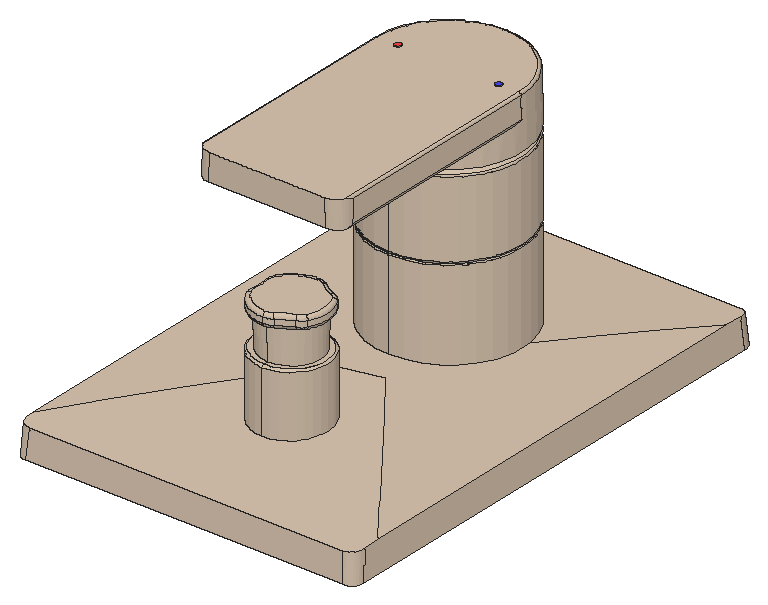
Revit family "Shower-Valve_Trim-KOHLER-COMPOSED-K-73100T", category Specialty Equipment, host Face, Revit 2017
Family settings
  Host = Face
  Round Connector Dimension = Use Diameter
  Part Type = Normal
  OmniClass Number = 23.31.25.00
  OmniClass Title = Toilet and Bath Specialties
  Cut with Voids When Loaded = No
  Shared = No
  Room Calculation Point = No
Parameters (values of type "AF- Flange gold")
  Width = 4 115/256"  # constant formula
  WaterSense Certified = 1 = 0  # no
  URL = "http://www.kohler.com.cn/"
  Type = 1
  Product Page URL = ""
  Product Name = "Composed"  # constant formula
  Product Documentation Link = ""
  Model = if(Type = 1, "K-73100T-4-AF", if(Type = 2, "K-73100T-4-CP", if(Type = 3, "K-73100T-4-TT", "NA")))  # "K-73100T-4-AF"
  Material = "Metal construction"  # constant formula
  Master Format 2014 Name = "Toilet, Bath, and Laundry Accessories"  # constant formula
  Master Format 2014 = "10 28 00"  # constant formula
  Manufacturer Address = "Kohler Beijing Office (100016)\n36-2-03-B, No. 88, Liuxiang Road, Beijing"  # constant formula
  Manufacturer = "KOHLER Co."  # constant formula
  Length = 3 119/256"  # constant formula
  Height = 6 137/256"  # constant formula
  Finish = Kohler-Metal-AF-Flange_Gold
  Environmental Product Declaration = ""
  Description = "40MM RECESSED BATH SHOWER TRIM"  # constant formula
  Default Elevation = 42"
  Declare Label = ""
  Date Modified = "10/13/2020"  # constant formula
  Date Created = "10/13/2020"  # constant formula
  Copyright = "Copyright KOHLER Co."  # constant formula
  Contact Us = "http://www.kohler.com.cn/contact/contact-us/"
  Assembly Code = "C1030200"
  ADA Compliant = 1 = 0  # no
Types (4): name | Type | Model | Finish
  (no name) | 1 | "K-73100T-4-AF" | Kohler-Metal-AF-Flange_Gold
  CP- Polished chrome | 2 | "K-73100T-4-CP" | Kohler-Metal-CP-Polished_Chrome
  AF- Flange gold | 1 | "K-73100T-4-AF" | Kohler-Metal-AF-Flange_Gold
  TT- Titanium silver | 3 | "K-73100T-4-TT" | Kohler-Metal-TT-Titanium_Silver
Reference planes (in)
  plane 1 "Center (Front/Back)": y = 0
  plane 2: z = 0
  plane 3 "Center (Left/Right)": x = 0
  plane 4: x = 2.22441
  plane 5: y = 3.26772
  plane 6: y = -3.26744
  plane 7: x = -2.22481
  plane 8: y = 1.04331
  plane 9: y = -1.90945
  plane 10: y = -1.51575
  plane 11: z = 3.46484
Dimensions and locks (in)
  "Width": plane 7 to plane 4
  locked: plane 8 to plane 9 at 2.95276
  locked: plane 8 to plane 10 at 2.55906
  "Height": plane 6 to plane 5
  "Length": level to plane 11
  aligned and locked: plane 2 to host face
  aligned and locked: level to host face
  aligned and locked: plane 1 "Center (Front/Back)" to nested 1
  aligned and locked: plane 3 "Center (Left/Right)" to nested 1
  aligned and locked: plane 4 to nested 1
  aligned and locked: plane 5 to nested 1
  aligned and locked: plane 7 to nested 1
  aligned and locked: plane 8 to nested 1
  aligned and locked: plane 9 to nested 1
  aligned and locked: plane 10 to nested 1
  aligned and locked: plane 11 to nested 1
  aligned and locked: plane 6 to nested 1
Automatic sketch dimensions
  host sketch curve to host sketch curve = 96"  (x2)
Nested families (in)
  nested 1: "K-73100T" at (0, 0, 0.00028), type "K-73100T"
Definition of nested family "K-73100T"
  Parameters (values of type "K-73100IN")
    Material = none
  Reference planes (in)
    plane 1 "Center (Front/Back)": y = 0
    plane 2: z = 0
    plane 3 "Center (Left/Right)": x = 0
    plane 4: y = 3.26772
    plane 5: x = 2.22441
    plane 6: x = -2.22441
    plane 7: y = -3.26772
    plane 8: y = 1.04331
    plane 9: z = 3.46457
    plane 10: y = -1.90945
    plane 11: y = -1.51575
  Forms (in)
    SweptBlend 1, solid, material <- "Material", detail levels medium+fine
      path origin (0, 0, 0) x (0, 1, 0) y (0, 0, 1)
        loop
          line (0, 0) -> (0, 0.59055)
      profile origin (0, 0, 0) x (0, -1, 0) y (1, 0, 0)
        loop
          arc (-3.26772, -2.06693) -> (-3.22159, -2.17828) -> (-3.11024, -2.22441) r 0.15748
          line (-3.11024, -2.22441) -> (3.11024, -2.22441)
          arc (3.11024, -2.22441) -> (3.22159, -2.17828) -> (3.26772, -2.06693) r 0.15748
          line (3.26772, -2.06693) -> (3.26772, 2.06693)
          arc (3.26772, 2.06693) -> (3.22159, 2.17828) -> (3.11024, 2.22441) r 0.15748
          line (3.11024, 2.22441) -> (-3.11024, 2.22441)
          arc (-3.11024, 2.22441) -> (-3.22159, 2.17828) -> (-3.26772, 2.06693) r 0.15748
          line (-3.26772, 2.06693) -> (-3.26772, -2.06693)
      end profile origin (0, 0, 0.59055) x (0, -1, 0) y (1, 0, 0)
        loop
          arc (-3.216, -2.03421) -> (-3.1706, -2.14381) -> (-3.06101, -2.1892) r 0.15499
          line (-3.06101, -2.1892) -> (3.06101, -2.1892)
          arc (3.06101, -2.1892) -> (3.1706, -2.14381) -> (3.216, -2.03421) r 0.15499
          line (3.216, -2.03421) -> (3.216, 2.03421)
          arc (3.216, 2.03421) -> (3.1706, 2.14381) -> (3.06101, 2.1892) r 0.15499
          line (3.06101, 2.1892) -> (-3.06101, 2.1892)
          arc (-3.06101, 2.1892) -> (-3.1706, 2.14381) -> (-3.216, 2.03421) r 0.15499
          line (-3.216, 2.03421) -> (-3.216, -2.03421)
    Extrusion 2, void
      sketch origin (0, 0, 0) x (1, 0, 0) y (0, 0, 1)
        loop
          line (2.22441, 0.39914) -> (2.22441, 0.61898) -> (-2.22441, 0.61898) -> (-2.22441, 0.39039)
          arc (-2.22441, 0.39039) -> (-0.0002, 0.49755) -> (2.22441, 0.39914) r 24.12135
      from -3.93701 to 3.93701
    Extrusion 3, void
      sketch origin (0, 0, 0) x (0, 1, 0) y (0, 0, 1)
        loop
          arc (-3.26772, 0.37124) -> (0.00003, 0.49777) -> (3.26772, 0.36955) r 41.97743
          line (3.26772, 0.36955) -> (3.26772, 0.56977) -> (-3.26772, 0.56977) -> (-3.26772, 0.37124)
      from -2.66999 to 3.2026
    Revolve 4, solid, material <- "Material", detail levels medium+fine
      sketch origin (0, 0, 0) x (0, 1, 0) y (0, 0, 1)
        loop
          line (1.04331, 3.46457) -> (1.04331, 0.36835) -> (2.00787, 0.36835) -> (2.00787, 1.65354)
          arc (2.00787, 1.65354) -> (2.00211, 1.66746) -> (1.98819, 1.67323) r 0.01969
          arc (1.98819, 1.67323) -> (2.00211, 1.67899) -> (2.00787, 1.69291) r 0.01969
          line (2.00787, 1.69291) -> (2.00787, 2.68503)
          arc (2.00787, 2.68503) -> (2.00231, 2.69953) -> (1.98849, 2.7066) r 0.02169
          line (1.98849, 2.7066) -> (1.92658, 2.77559) -> (2.00787, 2.77559) -> (1.99639, 3.43362)
          arc (1.99639, 3.43362) -> (1.98697, 3.45554) -> (1.9649, 3.46457) r 0.0315
          line (1.9649, 3.46457) -> (1.04331, 3.46457)
        axis (1.04331, 3.46457) -> (1.04331, 0.36835)
      angle from 0 to 360
    Extrusion 5, solid, material <- "Material", detail levels medium+fine
      sketch origin (0, 0, 0) x (1, 0, 0) y (0, 0, 1)
        loop
          line (0.92159, 3.46457) -> (-0.92159, 3.46457)
          arc (-0.92159, 3.46457) -> (-0.94367, 3.45554) -> (-0.95308, 3.43362) r 0.0315
          line (-0.95308, 3.43362) -> (-0.95809, 3.14661)
          arc (-0.95809, 3.14661) -> (-0.94906, 3.12399) -> (-0.9266, 3.11457) r 0.0315
          line (-0.9266, 3.11457) -> (0.9266, 3.11457)
          arc (0.9266, 3.11457) -> (0.94906, 3.12399) -> (0.95809, 3.14661) r 0.0315
          line (0.95809, 3.14661) -> (0.95308, 3.43362)
          arc (0.95308, 3.43362) -> (0.94367, 3.45554) -> (0.92159, 3.46457) r 0.0315
      from -1.04331 to 1.90945
    Sweep 6, void
      path in 3D
        loop
          line (0.96076, -1.90945, 2.99359) -> (0.95046, -1.90945, 3.58405)
      profile origin (0.95561, -1.90945, 3.28882) x (-0.999848, 0, -0.017452) y (0, -1, 0)
        loop
          line (0, 0) -> (0, -0.19685)
          arc (0, -0.19685) -> (0.05766, -0.05766) -> (0.19685, 0) r 0.19685
          line (0.19685, 0) -> (0, 0)
    Sweep 7, void
      path in 3D
        loop
          line (-0.96076, -1.90945, 2.99359) -> (-0.95046, -1.90945, 3.58405)
      profile origin (-0.95561, -1.90945, 3.28882) x (-0.999848, 0, 0.017452) y (0, -1, 0)
        loop
          line (0, 0) -> (-0.19685, 0)
          arc (-0.19685, 0) -> (-0.05766, -0.05766) -> (0, -0.19685) r 0.19685
          line (0, -0.19685) -> (0, 0)
    Extrusion 8, solid, material <- "Material", detail levels coarse
      sketch origin (0, 0, 0) x (1, 0, 0) y (0, 1, 0)
        loop
          line (-2.22441, -3.26772) -> (2.22441, -3.26772) -> (2.22441, 3.26772) -> (-2.22441, 3.26772) -> (-2.22441, -3.26772)
      from 0 to 0.52267
    Revolve 9, solid, material <- "Material", detail levels coarse
      sketch origin (0, 0, 0) x (0, 1, 0) y (0, 0, 1)
        loop
          line (1.04331, 3.46457) -> (1.04331, 0.44921) -> (2.00787, 0.44921) -> (2.00787, 3.46457) -> (1.04331, 3.46457)
        axis (1.04331, 3.46457) -> (1.04331, 0.44921)
      angle from 0 to 360
    Extrusion 10, solid, material <- "Material", detail levels coarse
      sketch origin (0, 0, 0) x (1, 0, 0) y (0, 1, 0)
        loop
          line (-0.95493, 0.90733) -> (-0.95493, -1.90945) -> (0.95493, -1.90945) -> (0.95493, 0.90733) -> (-0.95493, 0.90733)
      from 3.11457 to 3.46457
    Revolve 11, solid, material <- "Material", detail levels medium+fine
      sketch origin (0, 0, 0) x (0, 1, 0) y (0, 0, 1)
        loop
          line (-1.99803, 1.25376) -> (-1.99803, 0.2756) -> (-1.51575, 0.2756) -> (-1.51575, 1.73243) -> (-1.91129, 1.73243) -> (-1.90207, 1.27953) -> (-1.97226, 1.27953) -> (-1.99803, 1.25376)
        axis (-1.51575, 0.2756) -> (-1.51575, 1.73243)
      angle from 0 to 360
    Extrusion 12, solid, material <- "Material", detail levels medium+fine
      sketch origin (0, 0, 0) x (1, 0, 0) y (0, 1, 0)
        loop
          arc (0.33766, -1.71955) -> (0.39439, -1.51575) -> (0.33766, -1.31195) r 0.39439
          arc (0.33766, -1.31195) -> (0.31664, -1.28738) -> (0.2888, -1.27093) r 0.0986
          arc (0.2888, -1.27093) -> (0.17326, -1.21565) -> (0.06762, -1.14324) r 0.82883
          arc (0.06762, -1.14324) -> (0.03945, -1.12735) -> (0.00767, -1.12143) r 0.0986
          arc (0.00767, -1.12143) -> (-0.19733, -1.17427) -> (-0.34547, -1.3255) r 0.39439
          arc (-0.34547, -1.3255) -> (-0.35634, -1.3567) -> (-0.35628, -1.38974) r 0.0986
          arc (-0.35628, -1.38974) -> (-0.34555, -1.51575) -> (-0.35628, -1.64176) r 0.74488
          arc (-0.35628, -1.64176) -> (-0.35634, -1.6748) -> (-0.34547, -1.706) r 0.0986
          arc (-0.34547, -1.706) -> (-0.19733, -1.85723) -> (0.00767, -1.91007) r 0.39439
          arc (0.00767, -1.91007) -> (0.03945, -1.90415) -> (0.06762, -1.88826) r 0.0986
          arc (0.06762, -1.88826) -> (0.17326, -1.81584) -> (0.2888, -1.76056) r 0.82883
          arc (0.2888, -1.76056) -> (0.31664, -1.74412) -> (0.33766, -1.71955) r 0.0986
      from 1.73228 to 1.88583
    Sweep 13, solid, material <- "Material", detail levels medium+fine
      path in 3D
        loop
          arc (0.33766, -1.71955, 1.88583) -> (0.31664, -1.74412, 1.88583) -> (0.2888, -1.76056, 1.88583) r 0.0986
          arc (0.2888, -1.76056, 1.88583) -> (0.17326, -1.81584, 1.88583) -> (0.06762, -1.88826, 1.88583) r 0.82883
          arc (0.06762, -1.88826, 1.88583) -> (0.03945, -1.90415, 1.88583) -> (0.00767, -1.91007, 1.88583) r 0.0986
          arc (0.00767, -1.91007, 1.88583) -> (-0.19733, -1.85723, 1.88583) -> (-0.34547, -1.706, 1.88583) r 0.39439
          arc (-0.34547, -1.706, 1.88583) -> (-0.35634, -1.6748, 1.88583) -> (-0.35628, -1.64176, 1.88583) r 0.0986
          arc (-0.35628, -1.64176, 1.88583) -> (-0.34555, -1.51575, 1.88583) -> (-0.35628, -1.38974, 1.88583) r 0.74488
          arc (-0.35628, -1.38974, 1.88583) -> (-0.35634, -1.3567, 1.88583) -> (-0.34547, -1.3255, 1.88583) r 0.0986
          arc (-0.34547, -1.3255, 1.88583) -> (-0.19733, -1.17427, 1.88583) -> (0.00767, -1.12143, 1.88583) r 0.39439
          arc (0.00767, -1.12143, 1.88583) -> (0.03945, -1.12735, 1.88583) -> (0.06762, -1.14324, 1.88583) r 0.0986
          arc (0.06762, -1.14324, 1.88583) -> (0.17326, -1.21565, 1.88583) -> (0.2888, -1.27093, 1.88583) r 0.82883
          arc (0.2888, -1.27093, 1.88583) -> (0.31664, -1.28738, 1.88583) -> (0.33766, -1.31195, 1.88583) r 0.0986
          arc (0.33766, -1.31195, 1.88583) -> (0.39439, -1.51575, 1.88583) -> (0.33766, -1.71955, 1.88583) r 0.39439
      profile origin (0.39439, -1.51575, 1.88583) x (1, 0, 0) y (0, 0, 1)
        loop
          line (0, 0) -> (0, -0.15373) -> (0.04724, -0.15373)
          arc (0.04724, -0.15373) -> (0.06952, -0.1445) -> (0.07874, -0.12223) r 0.0315
          line (0.07874, -0.12223) -> (0.07874, -0.04724)
          arc (0.07874, -0.04724) -> (0.0649, -0.01384) -> (0.0315, 0) r 0.04724
          line (0.0315, 0) -> (0, 0)
    Revolve 14, solid, material <- "Material", detail levels coarse
      sketch origin (0, 0, 0) x (0, 1, 0) y (0, 0, 1)
        loop
          line (-1.51575, 0.52267) -> (-1.03459, 0.52267) -> (-1.03459, 1.27953) -> (-1.11875, 1.27953) -> (-1.11875, 1.73182) -> (-1.03459, 1.73182) -> (-1.03459, 1.88696) -> (-1.51575, 1.88696) -> (-1.51575, 0.52267)
        axis (-1.51575, 0.52267) -> (-1.51575, 1.88696)
      angle from 0 to 360
    Extrusion 15, solid, detail levels medium+fine
      sketch origin (0, 0, 0) x (1, 0, 0) y (0, 1, 0)
        loop
          circle (-0.65717, 1.04331) r 0.03937
      from 3.36711 to 3.46486
    Extrusion 16, solid, detail levels medium+fine
      sketch origin (0, 0, 0) x (-1, 0, 0) y (0, -1, 0)
        loop
          circle (-0.65717, -1.04331) r 0.03937
      from 3.36711 to 3.46486
  Cuts and joins
    joined: Extrusion 8, Revolve 9, Extrusion 10, Revolve 14
    Extrusion 2, Extrusion 3 cuts SweptBlend 1
    Sweep 6, Sweep 7 cuts Revolve 4
    Sweep 6, Sweep 7 cuts Extrusion 5
    joined: SweptBlend 1, Revolve 4, Extrusion 5, Revolve 11, Extrusion 12, Sweep 13
  Lines and regions (in)
    Masking region 1
      outline origin (0, 0, 0) x (1, 0, 0) y (0, 1, 0)
        loop
          arc (-2.06693, 3.26772) -> (-2.17828, 3.22159) -> (-2.22441, 3.11024) r 0.15748
          line (-2.22441, 3.11024) -> (-2.22441, -3.11024)
          arc (-2.22441, -3.11024) -> (-2.17828, -3.22159) -> (-2.06693, -3.26772) r 0.15748
          line (-2.06693, -3.26772) -> (2.06693, -3.26772)
          arc (2.06693, -3.26772) -> (2.17828, -3.22159) -> (2.22441, -3.11024) r 0.15748
          line (2.22441, -3.11024) -> (2.22441, 3.11024)
          arc (2.22441, 3.11024) -> (2.17828, 3.22159) -> (2.06693, 3.26772) r 0.15748
          line (2.06693, 3.26772) -> (-2.06693, 3.26772)
    Masking region 2
      outline origin (0, 0, 0) x (1, 0, 0) y (0, 0, 1)
        loop
          line (0, 3.46457) -> (-0.92159, 3.46457)
          arc (-0.92159, 3.46457) -> (-0.94367, 3.45554) -> (-0.95308, 3.43362) r 0.0315
          line (-0.95308, 3.43362) -> (-0.96457, 2.77559) -> (-0.88328, 2.77559) -> (-0.94518, 2.7066)
          arc (-0.94518, 2.7066) -> (-0.95901, 2.69953) -> (-0.96457, 2.68503) r 0.02169
          line (-0.96457, 2.68503) -> (-0.96457, 1.69291)
          arc (-0.96457, 1.69291) -> (-0.9588, 1.67899) -> (-0.94488, 1.67323) r 0.01969
          arc (-0.94488, 1.67323) -> (-0.9588, 1.66746) -> (-0.96457, 1.65354) r 0.01969
          line (-0.96457, 1.65354) -> (-0.96457, 0.47637)
          arc (-0.96457, 0.47637) -> (-1.56654, 0.44433) -> (-2.16742, 0.3958) r 21.97337
          arc (-2.16742, 0.3958) -> (-2.19203, 0.38395) -> (-2.20301, 0.35894) r 0.03937
          line (-2.20301, 0.35894) -> (-2.22441, 0) -> (2.22441, 0) -> (2.20301, 0.35894)
          arc (2.20301, 0.35894) -> (2.19203, 0.38395) -> (2.16742, 0.3958) r 0.03937
          arc (2.16742, 0.3958) -> (1.56654, 0.44433) -> (0.96457, 0.47637) r 21.97337
          line (0.96457, 0.47637) -> (0.96457, 1.65354)
          arc (0.96457, 1.65354) -> (0.9588, 1.66746) -> (0.94488, 1.67323) r 0.01969
          arc (0.94488, 1.67323) -> (0.9588, 1.67899) -> (0.96457, 1.69291) r 0.01969
          line (0.96457, 1.69291) -> (0.96457, 2.68503)
          arc (0.96457, 2.68503) -> (0.95901, 2.69953) -> (0.94518, 2.7066) r 0.02169
          line (0.94518, 2.7066) -> (0.88328, 2.77559) -> (0.96457, 2.77559) -> (0.95308, 3.43362)
          arc (0.95308, 3.43362) -> (0.94367, 3.45554) -> (0.92159, 3.46457) r 0.0315
          line (0.92159, 3.46457) -> (0, 3.46457)
    Masking region 3
      outline origin (0, 0, 0) x (0, 1, 0) y (0, 0, 1)
        loop
          line (3.26772, 0) -> (3.23804, 0.33883)
          arc (3.23804, 0.33883) -> (3.22651, 0.36339) -> (3.20183, 0.37465) r 0.03937
          arc (3.20183, 0.37465) -> (2.60512, 0.41618) -> (2.00787, 0.44921) r 41.97743
          line (2.00787, 0.44921) -> (2.00787, 1.65354)
          arc (2.00787, 1.65354) -> (2.00211, 1.66746) -> (1.98819, 1.67323) r 0.01969
          arc (1.98819, 1.67323) -> (2.00211, 1.67899) -> (2.00787, 1.69291) r 0.01969
          line (2.00787, 1.69291) -> (2.00787, 2.68503)
          arc (2.00787, 2.68503) -> (2.00231, 2.69953) -> (1.98849, 2.7066) r 0.02169
          line (1.98849, 2.7066) -> (1.92658, 2.77559) -> (2.00787, 2.77559) -> (1.99639, 3.43362)
          arc (1.99639, 3.43362) -> (1.98697, 3.45554) -> (1.9649, 3.46457) r 0.0315
          line (1.9649, 3.46457) -> (1.04331, 3.46457) -> (0.12172, 3.46457) -> (-1.87795, 3.46457)
          arc (-1.87795, 3.46457) -> (-1.90022, 3.45534) -> (-1.90945, 3.43307) r 0.0315
          line (-1.90945, 3.43307) -> (-1.90945, 3.14606)
          arc (-1.90945, 3.14606) -> (-1.90022, 3.12379) -> (-1.87795, 3.11457) r 0.0315
          line (-1.87795, 3.11457) -> (-0.0155, 3.11457)
          arc (-0.0155, 3.11457) -> (0.0547, 3.08513) -> (0.08291, 3.01442) r 0.09843
          line (0.08291, 3.01442) -> (0.07874, 2.77559) -> (0.16003, 2.77559) -> (0.09813, 2.7066)
          arc (0.09813, 2.7066) -> (0.0843, 2.69953) -> (0.07874, 2.68503) r 0.02169
          line (0.07874, 2.68503) -> (0.07874, 1.69291)
          arc (0.07874, 1.69291) -> (0.08451, 1.67899) -> (0.09843, 1.67323) r 0.01969
          arc (0.09843, 1.67323) -> (0.08451, 1.66746) -> (0.07874, 1.65354) r 0.01969
          line (0.07874, 1.65354) -> (0.07874, 0.49768)
          arc (0.07874, 0.49768) -> (-0.4774, 0.49518) -> (-1.03347, 0.48532) r 41.97743
          line (-1.03347, 0.48532) -> (-1.03347, 1.25376) -> (-1.05924, 1.27953) -> (-1.12942, 1.27953) -> (-1.12021, 1.7321) -> (-1.07411, 1.7321)
          arc (-1.07411, 1.7321) -> (-1.05184, 1.74132) -> (-1.04261, 1.76359) r 0.0315
          line (-1.04261, 1.76359) -> (-1.04261, 1.84646)
          arc (-1.04261, 1.84646) -> (-1.05415, 1.8743) -> (-1.08198, 1.88583) r 0.03937
          line (-1.08198, 1.88583) -> (-1.51575, 1.88583) -> (-1.94951, 1.88583)
          arc (-1.94951, 1.88583) -> (-1.97735, 1.8743) -> (-1.98888, 1.84646) r 0.03937
          line (-1.98888, 1.84646) -> (-1.98888, 1.76359)
          arc (-1.98888, 1.76359) -> (-1.97966, 1.74132) -> (-1.95739, 1.7321) r 0.0315
          line (-1.95739, 1.7321) -> (-1.91128, 1.7321) -> (-1.90207, 1.27953) -> (-1.97226, 1.27953) -> (-1.99803, 1.25376) -> (-1.99803, 0.45071)
          arc (-1.99803, 0.45071) -> (-2.60012, 0.41785) -> (-3.20167, 0.37633) r 41.97743
          arc (-3.20167, 0.37633) -> (-3.22636, 0.36507) -> (-3.23789, 0.34051) r 0.03937
          line (-3.23789, 0.34051) -> (-3.26772, 0) -> (3.26772, 0)
    sketch lines
      curve 1: line (0.96076, -1.90945, 2.99359) -> (0.95046, -1.90945, 3.58405)
      curve 2: line (-0.96076, -1.90945, 2.99359) -> (-0.95046, -1.90945, 3.58405)
      curve 37: arc (0.33766, -1.31195, 1.88583) -> (0.39439, -1.51575, 1.88583) -> (0.33766, -1.71955, 1.88583) r 0.39439
      curve 38: arc (0.2888, -1.27093, 1.88583) -> (0.31664, -1.28738, 1.88583) -> (0.33766, -1.31195, 1.88583) r 0.0986
      curve 39: arc (0.06762, -1.14324, 1.88583) -> (0.17326, -1.21565, 1.88583) -> (0.2888, -1.27093, 1.88583) r 0.82883
      curve 40: arc (0.00767, -1.12143, 1.88583) -> (0.03945, -1.12735, 1.88583) -> (0.06762, -1.14324, 1.88583) r 0.0986
      curve 41: arc (-0.34547, -1.3255, 1.88583) -> (-0.19733, -1.17427, 1.88583) -> (0.00767, -1.12143, 1.88583) r 0.39439
      curve 42: arc (-0.35628, -1.64176, 1.88583) -> (-0.34555, -1.51575, 1.88583) -> (-0.35628, -1.38974, 1.88583) r 0.74488
      curve 43: arc (-0.35628, -1.38974, 1.88583) -> (-0.35634, -1.3567, 1.88583) -> (-0.34547, -1.3255, 1.88583) r 0.0986
      curve 44: arc (-0.34547, -1.706, 1.88583) -> (-0.35634, -1.6748, 1.88583) -> (-0.35628, -1.64176, 1.88583) r 0.0986
      curve 45: arc (0.00767, -1.91007, 1.88583) -> (-0.19733, -1.85723, 1.88583) -> (-0.34547, -1.706, 1.88583) r 0.39439
      curve 46: arc (0.06762, -1.88826, 1.88583) -> (0.03945, -1.90415, 1.88583) -> (0.00767, -1.91007, 1.88583) r 0.0986
      curve 47: arc (0.2888, -1.76056, 1.88583) -> (0.17326, -1.81584, 1.88583) -> (0.06762, -1.88826, 1.88583) r 0.82883
      curve 48: arc (0.33766, -1.71955, 1.88583) -> (0.31664, -1.74412, 1.88583) -> (0.2888, -1.76056, 1.88583) r 0.0986
    symbolic lines, detail levels medium+fine
      curve 3: line (0, 1.99648, 3.43572) -> (0, -1.90945, 3.43572)
      curve 4: line (0, 1.04324, 3.1469) -> (0, -1.90945, 3.1469)
      curve 5: line (0, -1.71148, 3.46457) -> (0, -1.71148, 3.11457)
      curve 6: line (0, 1.92658, 2.77559) -> (0, 0.16003, 2.77559)
      curve 7: line (0, 1.98849, 2.7066) -> (0, 0.09813, 2.7066)
      curve 8: line (0, 2.00787, 2.67987) -> (0, 0.07874, 2.67987)
      curve 9: line (0, 1.98819, 1.67323) -> (0, 0.09843, 1.67323)
      curve 10: line (0, 2.00787, 1.69291) -> (0, 0.07874, 1.69291)
      curve 11: line (0, 2.00787, 1.65354) -> (0, 0.07874, 1.65354)
      curve 12: line (-2.05051, 3.23513, 0) -> (2.05053, 3.23513, 0)
      curve 13: line (-2.201, -3.09001, 0) -> (-2.201, 3.09149, 0)
      curve 14: spline (-2.201, 3.09149, 0) -> (-2.19843, 3.11026, 0) -> (-2.19357, 3.12858, 0) -> (-2.18652, 3.14618, 0) -> (-2.17738, 3.16279, 0) -> (-2.16627, 3.17816, 0) -> (-2.15337, 3.19207, 0) -> (-2.13887, 3.20432, 0) -> (-2.12298, 3.21471, 0) -> (-2.10594, 3.22309, 0) -> (-2.088, 3.22935, 0) -> (-2.06943, 3.23338, 0) -> (-2.05051, 3.23513, 0)
      curve 15: spline (2.05053, 3.23513, 0) -> (2.06899, 3.23345, 0) -> (2.08712, 3.2296, 0) -> (2.10466, 3.22363, 0) -> (2.12137, 3.21562, 0) -> (2.137, 3.20569, 0) -> (2.15134, 3.19398, 0) -> (2.16419, 3.18066, 0) -> (2.17535, 3.16591, 0) -> (2.18468, 3.14993, 0) -> (2.19205, 3.13297, 0) -> (2.19734, 3.11526, 0) -> (2.20048, 3.09704, 0)
      curve 16: line (2.20048, 3.09704, 0) -> (2.20048, -3.09601, 0)
      curve 17: line (2.0504, -3.23498, 0) -> (-2.05042, -3.23498, 0)
      curve 18: spline (-2.05042, -3.23498, 0) -> (-2.06945, -3.23322, 0) -> (-2.08812, -3.22915, 0) -> (-2.10615, -3.22282, 0) -> (-2.12327, -3.21435, 0) -> (-2.13922, -3.20384, 0) -> (-2.15376, -3.19147, 0) -> (-2.16667, -3.17742, 0) -> (-2.17776, -3.16189, 0) -> (-2.18686, -3.14513, 0) -> (-2.19383, -3.12738, 0) -> (-2.19857, -3.10891, 0) -> (-2.201, -3.09001, 0)
      curve 19: spline (2.20048, -3.09601, 0) -> (2.19743, -3.11432, 0) -> (2.1922, -3.13213, 0) -> (2.18488, -3.1492, 0) -> (2.17558, -3.16527, 0) -> (2.16441, -3.18012, 0) -> (2.15156, -3.19354, 0) -> (2.13719, -3.20533, 0) -> (2.12151, -3.21534, 0) -> (2.10474, -3.2234, 0) -> (2.08714, -3.22942, 0) -> (2.06894, -3.23329, 0) -> (2.0504, -3.23498, 0)
      curve 20: line (-0.96457, 1.04331, 0) -> (-0.96457, -1.7185, 0)
      curve 21: line (-0.93307, 1.04329, 0) -> (-0.93307, -1.70079, 0)
      curve 22: line (0, -1.90945, 0) -> (-0.77362, -1.90945, 0)
      curve 23: arc (-0.96457, -1.7185, 0) -> (-0.90864, -1.85352, 0) -> (-0.77362, -1.90945, 0) r 0.19095
      curve 24: line (0, -1.87795, 0) -> (-0.75591, -1.87795, 0)
      curve 25: line (0.96457, 1.04331, 0) -> (0.96457, -1.7185, 0)
      curve 26: arc (0.96457, -1.7185, 0) -> (0.90864, -1.85352, 0) -> (0.77362, -1.90945, 0) r 0.19095
      curve 27: line (0, -1.90945, 0) -> (0.77362, -1.90945, 0)
      curve 28: line (0.95308, 0, 3.43362) -> (-0.95308, 0, 3.43362)
      curve 29: line (0.88328, 0, 2.77559) -> (-0.88328, 0, 2.77559)
      curve 30: line (0.94518, 0, 2.7066) -> (-0.94518, 0, 2.7066)
      curve 31: line (0.96451, 0, 2.68658) -> (-0.96451, 0, 2.68658)
      curve 32: line (0.94488, 0, 1.67323) -> (-0.94488, 0, 1.67323)
      curve 33: line (-2.20302, 0, 0.35876) -> (2.20302, 0, 0.35876)
      curve 34: line (0.96457, 0, 1.69336) -> (-0.96457, 0, 1.69336)
      curve 35: line (0.96457, 0, 1.65309) -> (-0.96457, 0, 1.65309)
      curve 36: arc (-0.96457, 1.04331, 0) -> (0, 2.00787, 0) -> (0.96457, 1.04331, 0) r 0.96457
      curve 49: arc (-0.93307, -1.70079, 0) -> (-0.88118, -1.82606, 0) -> (-0.75591, -1.87795, 0) r 0.17717
      curve 50: line (0.93307, 1.04329, 0) -> (0.93307, -1.70079, 0)
      curve 51: line (0, -1.87795, 0) -> (0.75591, -1.87795, 0)
      curve 52: arc (0.93307, -1.70079, 0) -> (0.88118, -1.82606, 0) -> (0.75591, -1.87795, 0) r 0.17717
      curve 53: arc (-0.93307, 1.04329, 0) -> (0, 1.97636, 0) -> (0.93307, 1.04329, 0) r 0.93307
      curve 54: circle (-0.65717, 1.04331, 0) r 0.03937 normal (0, 0, 1)
      curve 55: circle (0.65717, 1.04331, 0) r 0.03937 normal (0, 0, -1)
      curve 56: arc (-0.27843, -1.90945, 0) -> (0, -1.99795, 0) -> (0.27843, -1.90945, 0) r 0.4822
      curve 57: arc (-0.26283, -1.90945, 0) -> (-0.12262, -1.97296, 0) -> (0.03055, -1.98813, 0) r 0.47337
      curve 58: arc (0.03055, -1.98813, 0) -> (0.07158, -1.97871, 0) -> (0.10752, -1.95678, 0) r 0.13121
      curve 59: arc (0.10752, -1.95678, 0) -> (0.13823, -1.9321, 0) -> (0.17046, -1.90945, 0) r 0.61243
      curve 60: arc (0.96457, 0, 0.47637) -> (0, 0, 0.44873) -> (-0.96457, 0, 0.47637) r 16.84737
      curve 61: line (-2.16742, 0, 0.3958) -> (2.16742, 0, 0.3958)
      curve 62: line (2.06693, 0, 0) -> (2.06693, 0, 0.3958)
      curve 63: line (-2.06693, 0, 0) -> (-2.06693, 0, 0.3958)
      curve 64: line (0, 0.08291, 3.01442) -> (0, 0.61339, 3.01442)
      curve 65: line (0, -0.0155, 3.11457) -> (0, 0.99028, 3.11457)
      curve 66: arc (0, 0.61339, 3.01442) -> (0, 0.83829, 3.04829) -> (0, 1.04324, 3.1469) r 0.76364
      curve 67: arc (0, 2.00787, 0.44921) -> (0, 1.04288, 0.45625) -> (0, 0.07874, 0.49768) r 27.07022
      curve 68: line (0, -1.10362, 1.7321) -> (0, -1.91128, 1.7321)
      curve 69: line (0, -1.12942, 1.27953) -> (0, -1.90207, 1.27953)
      curve 70: line (0, -1.03347, 1.25376) -> (0, -1.99803, 1.25376)
      curve 71: line (0, -1.04261, 1.84646) -> (0, -1.98888, 1.84646)
      curve 72: line (0, -1.04261, 1.76359) -> (0, -1.98888, 1.76359)
      curve 73: line (0, -1.41693, 1.88583) -> (0, -1.41693, 1.7321)
      curve 74: line (0, -1.50181, 1.88583) -> (0, -1.50181, 1.7321)
      curve 75: line (0, -1.10362, 1.88583) -> (0, -1.10362, 1.7321)
      curve 76: line (0, -1.93486, 1.88583) -> (0, -1.93486, 1.7321)
      curve 77: arc (0, -1.03341, 0.48532) -> (0, -1.51554, 0.46286) -> (0, -1.99803, 0.45071) r 22.56257
      curve 78: line (0, 3.20183, 0.37465) -> (0, -3.21041, 0.37465)
      curve 79: line (0, -3.23789, 0.34051) -> (0, 3.23789, 0.34051)
      curve 80: line (0, 3.11024, 0) -> (0, 3.11024, 0.37465)
      curve 81: line (0, -3.11024, 0) -> (0, -3.11024, 0.37465)
      curve 82: arc (0, 0.61339, 3.01442) -> (0, 0.61923, 3.08066) -> (0, 0.61339, 3.1469) r 0.37799
  Dimensions and locks (in)
    plane 6 to plane 5 = 4.44882"
    plane 4 to plane 7 = 6.53543"
    plane 10 to plane 8 = 2.95276"
    plane 9 to level = 3.46457"
    locked: plane 9 to level at 3.46457
    plane 8 to plane 11 = 2.55906"
    aligned and locked: plane 2 to level
